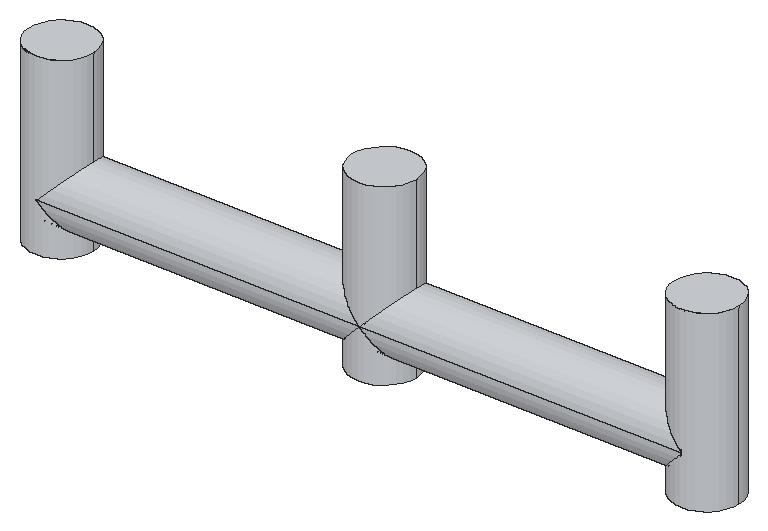
Revit family "Deca_Misturador para bidê_Polo_1895.33", category Plumbing Fixtures, host Face, Revit 2019
Family settings
  Host = Face
  Round Connector Dimension = Use Radius
  Part Type = Normal
  Cut with Voids When Loaded = No
  Shared = Yes
  Room Calculation Point = No
Parameters (values of type "1895.GL33_Gold")
  Vazão na Pressão mín. (L/min) = "7 l/min"
  Vazão na Pressão máx. (L/min) = "11 l/min"
  URL = "www.deca.com.br"
  Tipo de rosca de saída = "-"
  Tipo de rosca de entrada = "BSP NBR 8133"
  Tipo de mecanismo utilizado = "MVC -1/4 volta"
  Tipo de dispositivo economizador = "Não"
  Segmento = "Banheiro Médio"
  Saída de Esgoto = "-"
  Raio Água Quente = 7.5 mm  # constant formula
  Raio Água Fria Saída = 7.5 mm  # constant formula
  Raio Água Fria = 7.5 mm  # constant formula
  Pressão mín. funcionamento = "2 MCA"
  Pressão mín. Aquec. Passagem = "-"
  Pressão mín. Aquec. Acúmulo = "-"
  Pressão máx. funcionamento = "40 MCA"
  Peso Líquido (Kg) = 1.969
  Norma = "Não Possui"
  Model = "1895.GL33"
  Material = Deca_Gold
  Manufacturer = "Deca"
  Linha = "Polo"
  Itens de Instalação = "-"
  Informações Complementares = "-"
  HWFU = 0
  Diâmetro Água Quente = Raio Água Quente * 2  # 15 mm
  Diâmetro Água Fria Saída = Raio Água Fria Saída * 2  # 15 mm
  Diâmetro Água Fria = Raio Água Fria * 2  # 15 mm
  Description = "Misturador para bidê"
  Default Elevation = 500 mm
  Código Pai = "1895.33"
  Criado por = "quattroD"
  Cores Componente = "-"
  Cor Secundária = "-"
  Cor Principal = "Gold"
  Cor Interna = "-"
  Consumo = "-"
  Composição Componente = "-"
  Composição Básica = "Liga de Cobre (bronze e latão),Plásticos de Engenharia,Elastômeros"
  Composição Assento = "-"
  Composição Anel Vedação = "-"
  Categoria = "METAIS PARA BANHEIRO"
  CWFU = 0
  Atendimento ao Cliente = "0800-0117073"
  Assembly Code = ""
  Aprovado por = "quattroD"
  Acompanha o Produto = "Acompanha Válvula de escoamento"
Types (4, lengths in mm): name | Peso Líquido (Kg) | Model | Material | Cor Principal
  1895.BL33.NO_Black Noir | 1.948 | "1895.BL33.NO" | Deca_Black Noir | "Black Noir"
  1895.C33_Cromado | 2.598 | "1895.C33" | Deca_Cromado | "Cromado"
  1895.GL33_Gold | 1.969 | "1895.GL33" | Deca_Gold | "Gold"
  1895.GL33.RD_Red Gold | 1.969 | "1895.GL33.RD" | Deca_Red Gold | "Red Gold"
Reference planes
  plane 1 "Center (Front/Back)": y = 0
  plane 2: z = 0
  plane 3 "Center (Left/Right)": x = 0
  plane 4: z = -30
  plane 5: z = -40
  plane 6: z = -55
  plane 7: x = -100
  plane 8: x = 100
Forms (mm)
  Extrusion 1, solid
    sketch origin (0, 0, 0) x (1, 0, 0) y (0, 1, 0)
      loop
        circle (-100, 0) r 10
      loop
        circle (0, 0) r 10
      loop
        circle (100, 0) r 10
    from -55 to 0
  Extrusion 2, solid
    sketch origin (0, 0, 0) x (0, 1, 0) y (0, 0, 1)
      loop
        circle (0, -40) r 10
    from -100 to 100
Lines and regions (mm)
  Masking region 1
    outline origin (0, 0, 0) x (1, 0, 0) y (0, 1, 0)
      loop
        line (-126.985, 26.985) -> (-126.985, -26.985) -> (-73.015, -26.985) -> (-73.015, 26.985) -> (-126.985, 26.985)
      loop
        line (-26.985, 26.985) -> (-26.985, -26.985) -> (26.985, -26.985) -> (26.985, 26.985) -> (-26.985, 26.985)
      loop
        line (73.015, 26.985) -> (73.015, -26.985) -> (126.985, -26.985) -> (126.985, 26.985) -> (73.015, 26.985)
  Masking region 2
    outline origin (0, 0, 0) x (1, 0, 0) y (0, 0, 1)
      loop
        line (126.985, 0) -> (126.985, 11.26) -> (122.8, 11.26) -> (122.8, 57.345) -> (77.2, 57.345) -> (77.2, 11.26) -> (73.015, 11.26) -> (73.015, 0) -> (126.985, 0)
      loop
        line (26.985, 0) -> (26.985, 11.26) -> (22.8, 11.26) -> (22.8, 57.345) -> (-22.8, 57.345) -> (-22.8, 11.26) -> (-26.985, 11.26) -> (-26.985, 0) -> (26.985, 0)
      loop
        line (-73.015, 0) -> (-73.015, 11.26) -> (-77.2, 11.26) -> (-77.2, 57.345) -> (-122.8, 57.345) -> (-122.8, 11.26) -> (-126.985, 11.26) -> (-126.985, 0) -> (-73.015, 0)
  Masking region 3
    outline origin (0, 0, 0) x (0, 1, 0) y (0, 0, 1)
      loop
        line (-10.501, 11.26) -> (-26.985, 11.26) -> (-26.985, 0) -> (26.985, 0) -> (26.985, 11.26) -> (10.501, 11.26)
      loop
        arc (10.501, 11.345) -> (8.398, 12.206) -> (7.501, 14.293) r 3
        line (7.501, 14.293) -> (6.75, 57.345) -> (-6.75, 57.345) -> (-7.501, 14.293)
        arc (-7.501, 14.293) -> (-8.398, 12.206) -> (-10.501, 11.345) r 3
  symbolic lines, style "PlumbingFixtures"
    curve 1: arc (22.8, 0.069, 0) -> (20.843, 4.793, 0) -> (16.12, 6.75, 0) r 6.681
    curve 2: arc (-16.12, 6.75, 0) -> (-20.843, 4.793, 0) -> (-22.8, 0.069, 0) r 6.681
    curve 3: arc (-22.8, -0.069, 0) -> (-20.843, -4.793, 0) -> (-16.12, -6.75, 0) r 6.681
    curve 4: arc (16.12, -6.75, 0) -> (20.843, -4.793, 0) -> (22.8, -0.069, 0) r 6.681
    curve 5: arc (-21.195, 8.403, 0) -> (-22.2, 5.195, 0) -> (-22.723, 1.874, 0) r 22.8
    curve 6: arc (-22.723, -1.874, 0) -> (-22.2, -5.195, 0) -> (-21.195, -8.403, 0) r 22.8
    curve 7: arc (22.722, 1.884, 0) -> (3.348, 22.553, 0) -> (-21.195, 8.403, 0) r 22.8
    curve 8: arc (-21.195, -8.403, 0) -> (3.352, -22.552, 0) -> (22.723, -1.874, 0) r 22.8
    curve 9: arc (22.8, 0.069, 0) -> (20.843, 4.793, 0) -> (16.12, 6.75, 0) r 6.681
    curve 10: arc (-16.12, 6.75, 0) -> (-20.843, 4.793, 0) -> (-22.8, 0.069, 0) r 6.681
    curve 11: arc (-22.8, -0.069, 0) -> (-20.843, -4.793, 0) -> (-16.12, -6.75, 0) r 6.681
    curve 12: arc (16.12, -6.75, 0) -> (20.843, -4.793, 0) -> (22.8, -0.069, 0) r 6.681
    curve 13: arc (-21.195, 8.403, 0) -> (-22.2, 5.195, 0) -> (-22.723, 1.874, 0) r 22.8
    curve 14: arc (-22.723, -1.874, 0) -> (-22.2, -5.195, 0) -> (-21.195, -8.403, 0) r 22.8
    curve 15: arc (-21.195, -8.403, 0) -> (3.352, -22.552, 0) -> (22.723, -1.874, 0) r 22.8
    curve 16: arc (22.722, 1.884, 0) -> (3.348, 22.553, 0) -> (-21.195, 8.403, 0) r 22.8
    curve 17: arc (-77.2, 0.069, 0) -> (-79.156, 4.793, 0) -> (-83.88, 6.75, 0) r 6.681
    curve 18: arc (-116.12, 6.75, 0) -> (-120.843, 4.793, 0) -> (-122.799, 0.069, 0) r 6.681
    curve 19: arc (-83.88, -6.75, 0) -> (-79.157, -4.793, 0) -> (-77.2, -0.069, 0) r 6.681
    curve 20: arc (-122.799, -0.069, 0) -> (-120.843, -4.793, 0) -> (-116.12, -6.75, 0) r 6.681
    curve 21: arc (-121.195, 8.403, 0) -> (-122.197, 5.207, 0) -> (-122.721, 1.898, 0) r 22.8
    curve 22: arc (-122.721, -1.898, 0) -> (-100, -22.8, 0) -> (-77.279, -1.898, 0) r 22.8
    curve 23: arc (-77.279, 1.898, 0) -> (-96.659, 22.554, 0) -> (-121.195, 8.403, 0) r 22.8
    curve 24: arc (122.8, 0.069, 0) -> (120.867, 4.769, 0) -> (116.187, 6.75, 0) r 6.681
    curve 25: arc (83.813, 6.75, 0) -> (79.133, 4.769, 0) -> (77.2, 0.069, 0) r 6.681
    curve 26: arc (77.2, -0.069, 0) -> (79.133, -4.77, 0) -> (83.813, -6.75, 0) r 6.681
    curve 27: arc (116.187, -6.75, 0) -> (120.867, -4.77, 0) -> (122.8, -0.069, 0) r 6.681
    curve 28: arc (78.805, 8.403, 0) -> (77.802, 5.207, 0) -> (77.279, 1.898, 0) r 22.8
    curve 29: arc (77.279, -1.898, 0) -> (100, -22.8, 0) -> (122.721, -1.898, 0) r 22.8
    curve 30: arc (122.721, 1.898, 0) -> (103.34, 22.554, 0) -> (78.805, 8.403, 0) r 22.8
    curve 31: line (22.8, 0.873, 0) -> (22.721, 1.898, 0)
    curve 32: line (22.721, 1.898, 0) -> (22.8, 0.873, 0)
    curve 33: line (-22.721, 1.898, 0) -> (-22.8, 0.873, 0)
    curve 34: line (-22.8, 0.873, 0) -> (-22.721, 1.898, 0)
    curve 35: line (-22.8, -0.873, 0) -> (-22.721, -1.898, 0)
    curve 36: line (-22.721, -1.898, 0) -> (-22.8, -0.873, 0)
    curve 37: line (22.721, -1.898, 0) -> (22.8, -0.873, 0)
    curve 38: line (22.8, -0.873, 0) -> (22.721, -1.898, 0)
    curve 39: line (16.12, -7.501, 0) -> (16.12, -10.501, 0)
    curve 40: line (16.12, -10.501, 0) -> (-16.12, -10.501, 0)
    curve 41: line (-16.12, -10.501, 0) -> (-16.12, -7.501, 0)
    curve 42: line (-16.187, -6.75, 0) -> (16.187, -6.75, 0)
    curve 43: line (26.985, 26.985, 0) -> (-26.985, 26.985, 0)
    curve 44: line (-26.985, 26.985, 0) -> (-26.985, -26.985, 0)
    curve 45: line (-26.985, -26.985, 0) -> (26.985, -26.985, 0)
    curve 46: line (26.985, -26.985, 0) -> (26.985, 26.985, 0)
    curve 47: line (26.985, 26.985, 0) -> (26.985, -26.985, 0)
    curve 48: line (26.985, -26.985, 0) -> (-26.985, -26.985, 0)
    curve 49: line (-26.985, -26.985, 0) -> (-26.985, 26.985, 0)
    curve 50: line (-26.985, 26.985, 0) -> (26.985, 26.985, 0)
    curve 51: line (16.187, 6.75, 0) -> (-16.187, 6.75, 0)
    curve 52: line (-16.12, 7.501, 0) -> (16.12, 7.501, 0)
    curve 53: line (16.12, 7.501, 0) -> (16.12, 10.501, 0)
    curve 54: line (16.12, 10.501, 0) -> (-16.12, 10.501, 0)
    curve 55: line (-16.12, 10.501, 0) -> (-16.12, 7.501, 0)
    curve 56: line (-16.12, 7.501, 0) -> (16.12, 7.501, 0)
    curve 57: line (16.12, 6.75, 0) -> (16.12, 10.501, 0)
    curve 58: line (16.12, 10.501, 0) -> (-16.12, 10.501, 0)
    curve 59: line (-16.12, 10.501, 0) -> (-16.12, 6.75, 0)
    curve 60: line (-16.187, 6.75, 0) -> (16.187, 6.75, 0)
    curve 61: line (16.12, -6.75, 0) -> (16.12, -10.501, 0)
    curve 62: line (16.12, -10.501, 0) -> (-16.12, -10.501, 0)
    curve 63: line (-16.12, -10.501, 0) -> (-16.12, -6.75, 0)
    curve 64: line (-16.12, -7.501, 0) -> (16.12, -7.501, 0)
    curve 65: line (16.187, -6.75, 0) -> (-16.187, -6.75, 0)
    curve 66: line (-16.12, -7.501, 0) -> (16.12, -7.501, 0)
    curve 67: line (-77.279, 1.898, 0) -> (-77.2, 0.873, 0)
    curve 68: line (-77.2, 0.873, 0) -> (-77.2, -0.069, 0)
    curve 69: line (-77.2, -0.069, 0) -> (-77.2, -0.873, 0)
    curve 70: line (-77.2, -0.873, 0) -> (-77.279, -1.898, 0)
    curve 71: line (-122.721, -1.898, 0) -> (-122.8, -0.873, 0)
    curve 72: line (-122.8, -0.873, 0) -> (-122.8, -0.069, 0)
    curve 73: line (-122.8, -0.069, 0) -> (-122.8, 0.873, 0)
    curve 74: line (-122.8, 0.873, 0) -> (-122.721, 1.898, 0)
    curve 75: line (-116.12, 7.501, 0) -> (-83.88, 7.501, 0)
    curve 76: line (-83.88, 6.75, 0) -> (-116.12, 6.75, 0)
    curve 77: line (-116.12, 6.75, 0) -> (-116.12, 10.501, 0)
    curve 78: line (-116.12, 10.501, 0) -> (-83.88, 10.501, 0)
    curve 79: line (-83.88, 10.501, 0) -> (-83.88, 6.75, 0)
    curve 80: line (-83.88, -7.501, 0) -> (-116.12, -7.501, 0)
    curve 81: line (-116.12, -6.75, 0) -> (-83.88, -6.75, 0)
    curve 82: line (-83.88, -6.75, 0) -> (-83.88, -10.501, 0)
    curve 83: line (-83.88, -10.501, 0) -> (-116.12, -10.501, 0)
    curve 84: line (-116.12, -10.501, 0) -> (-116.12, -6.75, 0)
    curve 85: line (-73.015, 26.985, 0) -> (-73.015, -26.985, 0)
    curve 86: line (-73.015, -26.985, 0) -> (-126.985, -26.985, 0)
    curve 87: line (-126.985, -26.985, 0) -> (-126.985, 26.985, 0)
    curve 88: line (-126.985, 26.985, 0) -> (-73.015, 26.985, 0)
    curve 89: line (122.721, 1.898, 0) -> (122.8, 0.873, 0)
    curve 90: line (122.8, 0.873, 0) -> (122.8, 0.069, 0)
    curve 91: line (122.8, -0.069, 0) -> (122.8, -0.873, 0)
    curve 92: line (122.8, -0.873, 0) -> (122.721, -1.898, 0)
    curve 93: line (77.279, -1.898, 0) -> (77.2, -0.873, 0)
    curve 94: line (77.2, -0.873, 0) -> (77.2, -0.069, 0)
    curve 95: line (77.2, 0.069, 0) -> (77.2, 0.873, 0)
    curve 96: line (77.2, 0.873, 0) -> (77.279, 1.898, 0)
    curve 97: line (83.88, 7.501, 0) -> (116.12, 7.501, 0)
    curve 98: line (116.187, 6.75, 0) -> (83.813, 6.75, 0)
    curve 99: line (83.88, 6.75, 0) -> (83.88, 10.501, 0)
    curve 100: line (83.88, 10.501, 0) -> (116.12, 10.501, 0)
    curve 101: line (116.12, 10.501, 0) -> (116.12, 6.75, 0)
    curve 102: line (116.12, -6.75, 0) -> (116.12, -10.501, 0)
    curve 103: line (116.12, -10.501, 0) -> (83.88, -10.501, 0)
    curve 104: line (83.88, -10.501, 0) -> (83.88, -6.75, 0)
    curve 105: line (83.813, -6.75, 0) -> (116.187, -6.75, 0)
    curve 106: line (116.12, -7.501, 0) -> (83.88, -7.501, 0)
    curve 107: line (126.985, 26.985, 0) -> (126.985, -26.985, 0)
    curve 108: line (126.985, -26.985, 0) -> (73.015, -26.985, 0)
    curve 109: line (73.015, -26.985, 0) -> (73.015, 26.985, 0)
    curve 110: line (73.015, 26.985, 0) -> (126.985, 26.985, 0)
  symbolic lines
    curve 111: arc (-116.12, 7.501, 0) -> (-121.168, 5.223, 0) -> (-122.8, -0.069, 0) r 6.732
    curve 112: arc (-116.12, 10.501, 0) -> (-118.866, 9.956, 0) -> (-121.195, 8.403, 0) r 7.187
    curve 113: arc (-83.88, 7.501, 0) -> (-78.832, 5.223, 0) -> (-77.2, -0.069, 0) r 6.732
    curve 114: arc (-83.88, 10.501, 0) -> (-81.134, 9.956, 0) -> (-78.805, 8.403, 0) r 7.187
    curve 115: arc (-116.12, -7.501, 0) -> (-121.168, -5.223, 0) -> (-122.8, 0.069, 0) r 6.732
    curve 116: arc (-116.12, -10.501, 0) -> (-118.866, -9.956, 0) -> (-121.195, -8.403, 0) r 7.187
    curve 117: arc (-83.88, -7.501, 0) -> (-78.832, -5.223, 0) -> (-77.2, 0.069, 0) r 6.732
    curve 118: arc (-83.88, -10.501, 0) -> (-81.134, -9.956, 0) -> (-78.805, -8.403, 0) r 7.187
    curve 119: arc (-16.12, 7.501, 0) -> (-21.169, 5.222, 0) -> (-22.8, -0.072, 0) r 6.732
    curve 120: arc (-16.12, 10.501, 0) -> (-18.866, 9.956, 0) -> (-21.195, 8.403, 0) r 7.187
    curve 121: arc (16.12, 7.501, 0) -> (21.169, 5.222, 0) -> (22.8, -0.072, 0) r 6.732
    curve 122: arc (16.12, 10.501, 0) -> (18.866, 9.956, 0) -> (21.195, 8.403, 0) r 7.187
    curve 123: arc (-16.12, -7.501, 0) -> (-21.169, -5.222, 0) -> (-22.8, 0.072, 0) r 6.732
    curve 124: arc (-16.12, -10.501, 0) -> (-18.866, -9.956, 0) -> (-21.195, -8.403, 0) r 7.187
    curve 125: arc (16.12, -7.501, 0) -> (21.169, -5.222, 0) -> (22.8, 0.072, 0) r 6.732
    curve 126: arc (16.12, -10.501, 0) -> (18.866, -9.956, 0) -> (21.195, -8.403, 0) r 7.187
    curve 127: arc (83.88, 7.501, 0) -> (78.832, 5.223, 0) -> (77.2, -0.069, 0) r 6.732
    curve 128: arc (83.88, 10.501, 0) -> (81.134, 9.956, 0) -> (78.805, 8.403, 0) r 7.187
    curve 129: arc (116.12, 7.501, 0) -> (121.168, 5.223, 0) -> (122.8, -0.069, 0) r 6.732
    curve 130: arc (116.12, 10.501, 0) -> (118.866, 9.956, 0) -> (121.195, 8.403, 0) r 7.187
    curve 131: arc (83.88, -7.501, 0) -> (78.832, -5.223, 0) -> (77.2, 0.069, 0) r 6.732
    curve 132: arc (83.88, -10.501, 0) -> (81.134, -9.956, 0) -> (78.805, -8.403, 0) r 7.187
    curve 133: arc (116.12, -7.501, 0) -> (121.168, -5.223, 0) -> (122.8, 0.069, 0) r 6.732
    curve 134: arc (116.12, -10.501, 0) -> (118.866, -9.956, 0) -> (121.195, -8.403, 0) r 7.187
    curve 135: line (126.985, 0, 0) -> (126.985, 0, 11.26)
    curve 136: line (73.015, 0, 0) -> (126.985, 0, 0)
    curve 137: line (73.015, 0, 11.26) -> (73.015, 0, 0)
    curve 138: line (126.985, 0, 11.26) -> (73.015, 0, 11.26)
    curve 139: line (122.8, 0, 57.345) -> (122.8, 0, 11.26)
    curve 140: line (77.2, 0, 57.345) -> (77.2, 0, 11.26)
    curve 141: line (122.8, 0, 57.345) -> (77.2, 0, 57.345)
    curve 142: line (83.88, 0, 11.26) -> (83.88, 0, 57.345)
    curve 143: line (116.12, 0, 11.26) -> (116.12, 0, 57.345)
    curve 144: line (116.12, 0, 14.293) -> (83.88, 0, 14.293)
    curve 145: arc (122.732, 0, 11.86) -> (122.27, 0, 12.52) -> (121.61, 0, 12.982) r 2.33
    curve 146: arc (121.61, 0, 12.982) -> (120.503, 0, 13.538) -> (119.309, 0, 13.866) r 6.295
    curve 147: arc (119.309, 0, 13.866) -> (117.729, 0, 14.186) -> (116.12, 0, 14.293) r 12.111
    curve 148: arc (122.732, 0, 11.86) -> (121.999, 0, 11.499) -> (121.195, 0, 11.345) r 3.049
    curve 149: arc (77.268, 0, 11.86) -> (77.73, 0, 12.52) -> (78.39, 0, 12.982) r 2.33
    curve 150: arc (78.39, 0, 12.982) -> (79.497, 0, 13.538) -> (80.691, 0, 13.866) r 6.295
    curve 151: arc (80.691, 0, 13.866) -> (82.271, 0, 14.186) -> (83.88, 0, 14.293) r 12.111
    curve 152: arc (77.268, 0, 11.86) -> (78.001, 0, 11.499) -> (78.805, 0, 11.345) r 3.049
    curve 153: line (26.985, 0, 0) -> (26.985, 0, 11.26)
    curve 154: line (-26.985, 0, 0) -> (26.985, 0, 0)
    curve 155: line (-26.985, 0, 11.26) -> (-26.985, 0, 0)
    curve 156: line (26.985, 0, 11.26) -> (-26.985, 0, 11.26)
    curve 157: line (22.8, 0, 57.345) -> (22.8, 0, 11.26)
    curve 158: line (-22.8, 0, 57.345) -> (-22.8, 0, 11.26)
    curve 159: line (22.8, 0, 57.345) -> (-22.8, 0, 57.345)
    curve 160: line (-16.12, 0, 11.26) -> (-16.12, 0, 57.345)
    curve 161: line (16.12, 0, 11.26) -> (16.12, 0, 57.345)
    curve 162: line (16.12, 0, 14.293) -> (-16.12, 0, 14.293)
    curve 163: arc (22.732, 0, 11.86) -> (22.27, 0, 12.52) -> (21.61, 0, 12.982) r 2.33
    curve 164: arc (21.61, 0, 12.982) -> (20.503, 0, 13.538) -> (19.309, 0, 13.866) r 6.295
    curve 165: arc (19.309, 0, 13.866) -> (17.729, 0, 14.186) -> (16.12, 0, 14.293) r 12.111
    curve 166: arc (22.732, 0, 11.86) -> (21.999, 0, 11.499) -> (21.195, 0, 11.345) r 3.049
    curve 167: arc (-22.732, 0, 11.86) -> (-22.27, 0, 12.52) -> (-21.61, 0, 12.982) r 2.33
    curve 168: arc (-21.61, 0, 12.982) -> (-20.503, 0, 13.538) -> (-19.309, 0, 13.866) r 6.295
    curve 169: arc (-19.309, 0, 13.866) -> (-17.729, 0, 14.186) -> (-16.12, 0, 14.293) r 12.111
    curve 170: arc (-22.732, 0, 11.86) -> (-21.999, 0, 11.499) -> (-21.195, 0, 11.345) r 3.049
    curve 171: line (-73.015, 0, 0) -> (-73.015, 0, 11.26)
    curve 172: line (-126.985, 0, 0) -> (-73.015, 0, 0)
    curve 173: line (-126.985, 0, 11.26) -> (-126.985, 0, 0)
    curve 174: line (-73.015, 0, 11.26) -> (-126.985, 0, 11.26)
    curve 175: line (-77.2, 0, 57.345) -> (-77.2, 0, 11.26)
    curve 176: line (-122.8, 0, 57.345) -> (-122.8, 0, 11.26)
    curve 177: line (-77.2, 0, 57.345) -> (-122.8, 0, 57.345)
    curve 178: line (-116.12, 0, 11.26) -> (-116.12, 0, 57.345)
    curve 179: line (-83.88, 0, 11.26) -> (-83.88, 0, 57.345)
    curve 180: line (-83.88, 0, 14.293) -> (-116.12, 0, 14.293)
    curve 181: arc (-77.268, 0, 11.86) -> (-77.73, 0, 12.52) -> (-78.39, 0, 12.982) r 2.33
    curve 182: arc (-78.39, 0, 12.982) -> (-79.497, 0, 13.538) -> (-80.691, 0, 13.866) r 6.295
    curve 183: arc (-80.691, 0, 13.866) -> (-82.271, 0, 14.186) -> (-83.88, 0, 14.293) r 12.111
    curve 184: arc (-77.268, 0, 11.86) -> (-78.001, 0, 11.499) -> (-78.805, 0, 11.345) r 3.049
    curve 185: arc (-122.732, 0, 11.86) -> (-122.27, 0, 12.52) -> (-121.61, 0, 12.982) r 2.33
    curve 186: arc (-121.61, 0, 12.982) -> (-120.503, 0, 13.538) -> (-119.309, 0, 13.866) r 6.295
    curve 187: arc (-119.309, 0, 13.866) -> (-117.728, 0, 14.186) -> (-116.12, 0, 14.293) r 12.111
    curve 188: arc (-122.732, 0, 11.86) -> (-121.998, 0, 11.499) -> (-121.195, 0, 11.345) r 3.049
    curve 189: line (0, 26.985, 0) -> (0, 26.985, 11.26)
    curve 190: line (0, -26.985, 0) -> (0, 26.985, 0)
    curve 191: line (0, 26.985, 11.26) -> (0, -26.985, 11.26)
    curve 192: line (0, -26.985, 11.26) -> (0, -26.985, 0)
    curve 193: line (0, 6.75, 57.345) -> (0, -6.75, 57.345)
    curve 194: line (0, 6.75, 57.345) -> (0, 7.501, 14.293)
    curve 195: line (0, -6.75, 57.345) -> (0, -7.501, 14.293)
    curve 196: line (0, -0.873, 11.26) -> (0, -0.069, 57.345)
    curve 197: line (0, 0.873, 11.26) -> (0, 0.069, 57.345)
    curve 198: arc (0, 10.501, 11.345) -> (0, 8.398, 12.206) -> (0, 7.501, 14.293) r 3
    curve 199: arc (0, -7.501, 14.293) -> (0, -8.398, 12.206) -> (0, -10.501, 11.345) r 3
    curve 200: arc (0, 7.501, 14.293) -> (0, 4.715, 13.008) -> (0, 1.876, 11.844) r 70.732
    curve 201: arc (0, 1.876, 11.844) -> (0, 6.187, 11.563) -> (0, 10.501, 11.345) r 296.316
    curve 202: arc (0, -7.501, 14.293) -> (0, -4.715, 13.008) -> (0, -1.876, 11.844) r 70.732
    curve 203: arc (0, -1.876, 11.844) -> (0, -6.187, 11.563) -> (0, -10.501, 11.345) r 296.316
Dimensions and locks
  plane 2 to plane 4 to plane 5 to plane 6 = 30 mm locked, 10 mm locked, 15 mm locked
  plane 8 to plane 3 "Center (Left/Right)" to plane 7 = 100 mm locked, 100 mm locked
  aligned and locked: host face to plane 2
  aligned and locked: level to host face
  aligned and locked: Extrusion 1 to plane 6
  aligned and locked: plane 2 to Extrusion 1
  aligned and locked: Extrusion 2 to plane 7
  aligned and locked: Extrusion 2 to plane 8
Connectors
  piping at (-100, 0, -55), diameter 15, driven by "Raio Água Quente"
    settings: on Extrusion 1, index 1, connector inside diameter 24", connector length 0 mm, flow factor 0, pipe flow 0 GPM, pressure drop 0.00 psi, fitting loss kfactor 0, connector angle 0.00°, fixture units 0, engagement length 0 mm, angle of deflection 0.00°, flow configuration 3, flow direction 1, fitting loss method 4, system type 19, joint type 0, gender type 0, connector reference index -1, connector utility 0, adjustable connector no, is connector primary yes, connector description ""
  piping at (100, 0, -55), diameter 15, driven by "Raio Água Fria"
    settings: on Extrusion 1, index 2, connector inside diameter 24", connector length 0 mm, flow factor 0, pipe flow 0 GPM, pressure drop 0.00 psi, fitting loss kfactor 0, connector angle 0.00°, fixture units 0, engagement length 0 mm, angle of deflection 0.00°, flow configuration 3, flow direction 1, fitting loss method 4, system type 20, joint type 0, gender type 0, connector reference index -1, connector utility 0, adjustable connector no, is connector primary no, connector description ""
  piping at (0, 0, -55), diameter 15, driven by "Raio Água Fria Saída"
    settings: on Extrusion 1, index 3, connector inside diameter 24", connector length 0 mm, flow factor 0, pipe flow 0 GPM, pressure drop 0.00 psi, fitting loss kfactor 0, connector angle 0.00°, fixture units 0, engagement length 0 mm, angle of deflection 0.00°, flow configuration 3, flow direction 2, fitting loss method 4, system type 20, joint type 0, gender type 0, connector reference index -1, connector utility 0, adjustable connector no, is connector primary no, connector description ""
